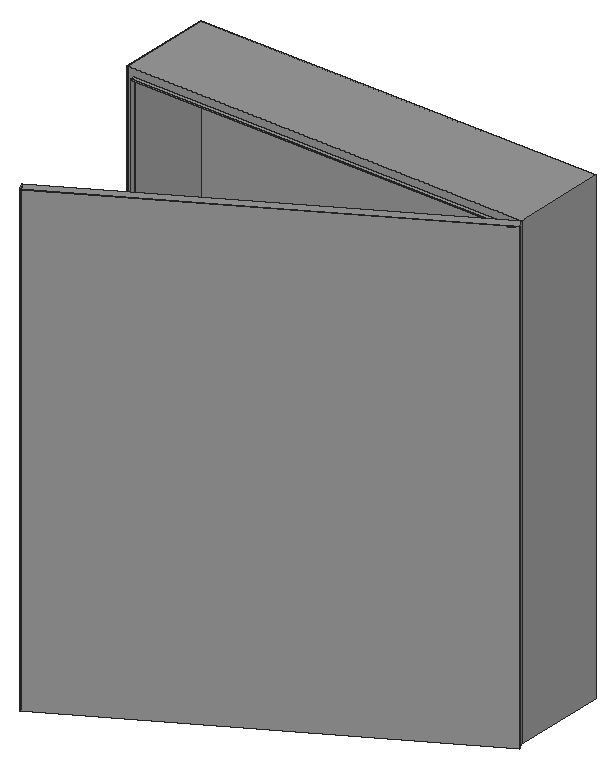
Revit family "Hager-Univers-IP44-D205-H950-Cl.II-Encl-NoHosted-DE-de", category Equipement électrique, Revit 2020
Family settings
  Configuration du panneau = Deux colonnes, circuits au sein
  Cote de connecteur circulaire = Utiliser le diamètre
  Type d'élément = Tableau de raccordement
  Basée sur le plan de construction = Oui
  Toujours verticalement = Oui
  Couper avec des vides une fois chargée = Non
  Partagée = Non
  Point de calcul de pièce = Non
Parameters (values of type "Aufputz IP44 B800 H950 T205  - FP63SN2")
  Width Control [instance] = if([EF000008 - Breite] > Min Width, [EF000008 - Breite], Min Width)  # 800 mm
  Commentaires du type = [HG000003 - Bereich]  # "Univers"
  Thickness Door [instance] = if([EF009171 - Materialstärke Tür/Deckel] > 3 mm, 3 mm, [EF009171 - Materialstärke Tür/Deckel])  # 1 mm
  Seal Frame Offset [instance] = 17 mm  # constant formula
  Plinth Visibility [instance] = [HG000027 - Sockelhöhe] > 0 mm  # no
  Min Width [instance] = 100 mm  # constant formula
  Min Depth [instance] = (2 * [EF009170 - Materialstärke Gehäuse]) + 1 mm  # 3 mm
  Min Height [instance] = 100 mm  # constant formula
  Internal Frame Depth [instance] = (Door System Depth * 0.5)  # 9 mm
  Panel Name [instance] = ""  # (empty or 0)
  Model = ""
  HG000027 - Sockelhöhe = 0 mm
  HG000026 - Stehend auf dem Boden = no
  HG000024 - Höhe des unteren Teils = 600 mm
  HG000023 - Gehäuse mit doppeltem Querschnitt = no
  HG000016 - 3D-Türsichtbarkeit [instance] = yes
  HG000015 - Sichtbarkeit der Türöffnung [instance] = no
  HG000014 - Tür rechts [instance] = yes
  HG000013 - Tür links [instance] = not([HG000014 - Tür rechts])  # no
  HG000012 - Türschwenkwinkel [instance] = 30.00°
  HG000010 - Asymmetrische Türen = no
  HG000009 - Doppelflügeligen Tür = no
  HG000006 - Unterputz = no
  HG000004 - Herstellerreferenz = "FP63SN2"
  HG000003 - Bereich = "Univers"
  HG000002 - Mit tür = yes
  Frame Offset Bottom [instance] = 10 mm  # constant formula
  Frame Offset [instance] = 15 mm  # constant formula
  EF015940 - Deckel mit Überdruckentlastung = no
  EF011959 - Schutzart (NEMA) = ""
  EF009554 - Anzahl der Öffnungen für Flanschplatten = 6
  EF009212 - Ausführung Deckel = "EV000116 - geschlossen"
  EF009171 - Materialstärke Tür/Deckel = 1 mm
  EF009170 - Materialstärke Gehäuse = 1 mm
  EF008873 - Nennstrom (In) = 250 A
  EF007800 - Geeignet für Blitzschutz = no
  EF006306 - Mit Schloss = no
  EF006244 - Transparenter Deckel/Tür = no
  EF005474 - Schutzart (IP) = "EV006418 - IP44"
  EF004464 - Art der Tür = "EV002646 - Einzel"
  EF004427 - Anzahl der Module = 216
  EF004293 - Schlagfestigkeit = "EV006815 - IK09"
  EF003532 - Geeignet für Außengebrauch = no
  EF002950 - Breite in Teilungseinheiten = 36
  EF001613 - Funktionserhalt = "EV000494 - ohne"
  EF001596 - Werkstoff des Gehäuses = "EV000179 - Stahl"
  EF001131 - Innentiefe = 130 mm
  EF001088 - Anbaumöglichkeit = yes
  EF000437 - Anzahl der Leitungseinführungen = 6
  EF000339 - Art der Abdeckung = "EV004216 - Tür"
  EF000266 - Anzahl der Reihen = 6
  EF000218 - Einbautiefe = 205 mm
  EF000118 - Mit Montageplatte = no
  EF000116 - RAL-Nummer = "9010"
  EF000049 - Tiefe = 205 mm
  EF000040 - Höhe = 950 mm
  EF000008 - Breite = 800 mm
  EF000007 - Farbe = "EV000202 - weiß"
  EF000003 - Montageart = "EV000384 - Aufputz"
  Door System Leaf Tolerance [instance] = 1.5 mm  # constant formula
  Door System Depth [instance] = 18 mm  # constant formula
  Door Height [instance] = Height Control - [HG000027 - Sockelhöhe]  # 950 mm
  Description = ""
  Default Elevation = 1219.2 mm
  Connector Offset [instance] = Height Control / 2  # 475 mm
  Fabricant = "Hager"  # constant formula
  Height Control [instance] = if([EF000040 - Höhe] > Min Height, [EF000040 - Höhe], Min Height)  # 950 mm
  Depth Control [instance] = if([EF000049 - Tiefe] > Min Depth, [EF000049 - Tiefe], Min Depth)  # 205 mm
  Bottom Top Plate Trim [instance] = 1.5 mm  # constant formula
  Plinth height Ctrl [instance] = if([HG000027 - Sockelhöhe] > 0 mm, [HG000027 - Sockelhöhe], 12 mm)  # 12 mm
Types (5, lengths in mm): name | Width Control | HG000010 - Asymmetrische Türen | HG000009 - Doppelflügeligen Tür | HG000004 - Herstellerreferenz | EF009554 - Anzahl der Öffnungen für Flanschplatten | EF004464 - Art der Tür | EF004427 - Anzahl der Module | EF002950 - Breite in Teilungseinheiten | EF001131 - Innentiefe | EF000437 - Anzahl der Leitungseinführungen | EF000339 - Art der Abdeckung | EF000008 - Breite
  Aufputz IP44 B1050 H950 T205  - FP64SN2 | 1050 | no | yes | "FP64SN2" | 8 | "EV003602 - Doppel" | 288 | 48 | 130 | 8 | "EV004216 - Tür" | 1050
  Aufputz IP44 B1300 H950 T205  - FP65SN2 | 1300 | yes | yes | "FP65SN2" | 10 | "EV003602 - Doppel" | 360 | 60 | 130 | 10 | "EV004216 - Tür" | 1300
  Aufputz IP44 B300 H950 T205  - FP61SN2 | 300 | no | no | "FP61SN2" | 2 | "EV002646 - Einzel" | 72 | 12 | 143 | 2 | "EV001012 - Deckel" | 300
  Aufputz IP44 B550 H950 T205  - FP62SN2 | 550 | no | no | "FP62SN2" | 4 | "EV002646 - Einzel" | 144 | 24 | 143 | 4 | "EV001012 - Deckel" | 550
  Aufputz IP44 B800 H950 T205  - FP63SN2 | 800 | no | no | "FP63SN2" | 6 | "EV002646 - Einzel" | 216 | 36 | 130 | 6 | "EV004216 - Tür" | 800
Reference planes
  plane 1 "Center (Front/Back)": y = 0
  plane 2: z = 0
  plane 3 "Center (Left/Right)": x = 0
  plane 4: y = 0
  plane 5: y = 0
  plane 6: z = 0
  plane 7: x = -400
  plane 8: x = 400
  plane 9: x = 399
  plane 10: x = -399
  plane 11: z = 0
  plane 12: z = 1
  plane 13: y = -205
  plane 14: y = -1
  plane 15: x = 0
  plane 16: y = -187
  plane 17: y = -204
  plane 18: y = -186
  plane 19: x = -384
  plane 20: x = 384
  plane 21: z = 11
  plane 22: x = -383
  plane 23: x = 383
  plane 24: z = 0
  plane 25: z = 950
  plane 26: z = 950
  plane 27: z = 934
  plane 28: z = 949
Forms (mm)
  Extrusion 1, solid, material "Hager_Steel_RAL7035_Light_Grey", detail levels medium+fine
    sketch origin (-208.679, -4572, 0) x (-1, 0, 0) y (0, -1, 0)
      loop
        line (191.321, -4385) -> (-608.679, -4385) -> (-608.679, -4572) -> (191.321, -4572) -> (191.321, -4385)
    from 0 to 950
  Extrusion 2, void
    sketch origin (-350.771, -205, 1219.2) x (1, 0, 0) y (0, 0, 1)
      loop
        line (-48.229, -270.2) -> (-48.229, -1218.2) -> (749.771, -1218.2) -> (749.771, -270.2) -> (-48.229, -270.2)
    from -19 to -204
  Extrusion 3, void
    sketch origin (-290.084, -187, 1219.2) x (1, 0, 0) y (0, 0, 1)
      loop
        line (-93.916, -1208.2) -> (674.084, -1208.2) -> (674.084, -285.2) -> (-93.916, -285.2) -> (-93.916, -1208.2)
    from 0 to -1
  Extrusion 4, solid, material "Hager_Steel_RAL7035_Light_Grey", visible <- "Plinth Visibility", detail levels medium+fine
    sketch origin (0, 0, 0) x (1, 0, 0) y (0, 1, 0)
      loop
        line (-400, 0) -> (-400, -187) -> (400, -187) -> (400, 0) -> (-400, 0)
    from 0 to 12 <- "Plinth height Ctrl"
  Extrusion 5, solid, material "Hager_Steel_RAL7035_Light_Grey", detail levels coarse
    sketch origin (0, 0, 0) x (1, 0, 0) y (0, 1, 0)
      loop
        line (-400, 0) -> (-400, -205) -> (400, -205) -> (400, 0) -> (-400, 0)
    from 0 to 950 <- "Height Control"
  Sweep 6, void
    path in 3D
      loop
        line (-400, -187, 12) -> (400, -187, 12) -> (400, 0, 12) -> (-400, 0, 12) -> (-400, -187, 12)
    profile origin (-400, -93.5, 12) x (1, 0, 0) y (0, 0, 1)
      loop
        line (0, 0) -> (0, -1.5) -> (1.5, -1.5)
        arc (1.5, -1.5) -> (1.061, -0.439) -> (0, 0) r 1.5
  Extrusion 7, solid, material "Hager_Steel_RAL7035_Light_Grey", detail levels fine
    sketch origin (-400, -187, 0) x (1, 0, 0) y (0, 0, 1)
      loop
        line (16, 11) -> (784, 11) -> (784, 934) -> (16, 934) -> (16, 11)
      loop
        line (15, 10) -> (785, 10) -> (785, 935) -> (15, 935) -> (15, 10)
    from 0 to 9 <- "Internal Frame Depth"
Cuts and joins
  Extrusion 2, Extrusion 3 cuts Extrusion 1
  Sweep 6 cuts Extrusion 4
Lines and regions (mm)
  Masking region 1
    outline origin (0, 0, 0) x (1, 0, 0) y (0, 1, 0)
      loop
        line (-400, 0) -> (-400, -205) -> (400, -205) -> (400, 0) -> (-400, 0)
  Masking region 2, detail levels coarse
    outline origin (-290.084, -187, 1219.2) x (-1, 0, 0) y (0, 0, 1)
      loop
        line (-690.084, -1219.2) -> (109.916, -1219.2) -> (109.916, -269.2) -> (-690.084, -269.2) -> (-690.084, -1219.2)
  Masking region 3, detail levels coarse
    outline origin (0, 0, 0) x (0, 1, 0) y (0, 0, 1)
      loop
        line (0, 0) -> (0, 950) -> (-205, 950) -> (-205, 0) -> (0, 0)
  Masking region 4, visible <- "Plinth Visibility", detail levels medium+fine
    outline origin (0, 0, 0) x (0, 1, 0) y (0, 0, 1)
      loop
        line (-1.5, 12) -> (-185.5, 12)
        arc (-185.5, 12) -> (-185.939, 10.939) -> (-187, 10.5) r 1.5
        line (-187, 10.5) -> (-187, 0) -> (0, 0) -> (0, 10.5)
        arc (0, 10.5) -> (-1.061, 10.939) -> (-1.5, 12) r 1.5
  Masking region 5, detail levels medium+fine
    outline origin (0, 0, 594.038) x (0, 1, 0) y (0, 0, 1)
      loop
        line (0, -594.038) -> (0, 355.962) -> (-187, 355.962) -> (-187, -594.038) -> (0, -594.038)
  Masking region 6, detail levels medium+fine
    outline origin (-359.7, -187, 1211.883) x (-1, 0, 0) y (0, 0, 1)
      loop
        line (-759.7, -1211.883) -> (40.3, -1211.883) -> (40.3, -261.883) -> (-759.7, -261.883) -> (-759.7, -1211.883)
  Masking region 7, visible <- "Plinth Visibility", detail levels medium+fine
    outline origin (-320.334, -187, 1041.368) x (-1, 0, 0) y (0, 0, 1)
      loop
        line (-720.334, -1041.368) -> (79.666, -1041.368) -> (79.666, -1030.868)
        arc (79.666, -1030.868) -> (78.606, -1030.429) -> (78.166, -1029.368) r 1.5
        line (78.166, -1029.368) -> (-718.834, -1029.368)
        arc (-718.834, -1029.368) -> (-719.273, -1030.429) -> (-720.334, -1030.868) r 1.5
        line (-720.334, -1030.868) -> (-720.334, -1041.368)
  sketch lines
    curve 1: line (-400, 0, 12) -> (-400, -187, 12)
    curve 2: line (-400, -187, 12) -> (400, -187, 12)
    curve 3: line (400, 0, 12) -> (-400, 0, 12)
    curve 4: line (400, -187, 12) -> (400, 0, 12)
Dimensions and locks
  locked: plane 1 "Center (Front/Back)" to plane 5
  "EF009170 - Materialstärke Gehäuse": plane 7 to plane 10
  "EF009170 - Materialstärke Gehäuse": plane 8 to plane 9
  equal spacing: plane 7, plane 3 "Center (Left/Right)", plane 8
  "Width Control": plane 7 to plane 8
  "Depth Control": plane 4 to plane 13
  "EF009170 - Materialstärke Gehäuse": plane 4 to plane 14
  "Height Control": plane 25 to level
  "HG000027 - Sockelhöhe": plane 11 to level
  "EF009170 - Materialstärke Gehäuse": plane 12 to plane 11
  "EF009170 - Materialstärke Gehäuse": plane 17 to plane 13
  "EF009170 - Materialstärke Gehäuse": plane 18 to plane 16
  "Frame Offset Bottom": plane 21 to plane 12
  "Frame Offset": plane 10 to plane 19
  "Frame Offset": plane 9 to plane 20
  "Door System Depth": plane 16 to plane 13
  "Seal Frame Offset": plane 7 to plane 22
  "Seal Frame Offset": plane 8 to plane 23
  "EF009170 - Materialstärke Gehäuse": plane 26 to plane 28
  "Frame Offset": plane 28 to plane 27
  "Connector Offset": plane 2 to connector elem
  "Bottom Top Plate Trim": profile plane to Sweep 6 sketch curve
  "Bottom Top Plate Trim": Sweep 6 sketch curve to Sweep 6 sketch curve
  "Plinth height Ctrl": Masking region 4 sketch curve to level
  "Plinth height Ctrl": Masking region 7 sketch curve to level
  "Thickness Door": Extrusion 7 sketch curve to Extrusion 7 sketch curve  (x4)
  "Bottom Top Plate Trim": radius of Sweep 6 sketch curve
  "Bottom Top Plate Trim": radius of Masking region 4 sketch curve  (x2)
  "Bottom Top Plate Trim": radius of Masking region 7 sketch curve  (x2)
  aligned and locked: Extrusion 2 sketch curve to plane 12
  aligned and locked: Extrusion 2 sketch curve to plane 9
  aligned and locked: Extrusion 2 sketch curve to plane 10
  aligned and locked: Extrusion 2 to plane 14
  aligned and locked: Extrusion 1 sketch curve to plane 4
  aligned and locked: plane 8 to Extrusion 1 sketch curve
  aligned and locked: plane 7 to Extrusion 1 sketch curve
  aligned and locked: Extrusion 2 to plane 18
  aligned and locked: Extrusion 3 sketch curve to plane 19
  aligned and locked: plane 20 to Extrusion 3 sketch curve
  aligned and locked: Extrusion 3 to Extrusion 2
  aligned and locked: Extrusion 3 sketch curve to plane 21
  aligned and locked: plane 3 "Center (Left/Right)" to nested 1
  aligned and locked: Extrusion 1 sketch curve to plane 16
  aligned and locked: Extrusion 4 sketch curve to cut or joined group of Extrusion 1, Extrusion 2, Extrusion 3
  aligned and locked: Masking region 1 sketch curve to plane 7
  aligned and locked: Masking region 1 sketch curve to plane 5
  aligned and locked: Masking region 1 sketch curve to plane 8
  aligned and locked: Masking region 2 sketch curve to level
  aligned and locked: level to Masking region 3 sketch curve
  aligned and locked: plane 1 "Center (Front/Back)" to Masking region 3 sketch curve
  aligned and locked: plane 13 to Masking region 3 sketch curve
  aligned and locked: plane 5 to Masking region 4 sketch curve
  aligned and locked: Masking region 2 sketch curve to plane 8
  aligned and locked: Masking region 2 sketch curve to plane 7
  aligned and locked: plane 7 to nested 2
  aligned and locked: nested 2 to plane 5
  aligned and locked: plane 5 to Masking region 5 sketch curve
  aligned and locked: plane 26 to Masking region 5 sketch curve
  aligned and locked: Extrusion 5 sketch curve to plane 8
  aligned and locked: Extrusion 5 sketch curve to plane 7
  aligned and locked: Extrusion 5 sketch curve to plane 5
  aligned and locked: Extrusion 3 sketch curve to plane 27
  aligned and locked: Extrusion 2 sketch curve to plane 28
  aligned and locked: Masking region 2 to plane 25
  aligned and locked: Extrusion 4 to plane 16
  aligned and locked: profile plane to Sweep 6 sketch curve
  aligned and locked: Masking region 5 sketch curve to plane 24
  aligned and locked: level to Masking region 4 sketch curve
  aligned and locked: Masking region 1 to plane 13
  aligned and locked: nested 1 to plane 16
  aligned and locked: Masking region 3 to plane 25
  aligned and locked: plane 16 to Masking region 4 sketch curve
  aligned and locked: Masking region 5 sketch curve to plane 16
  aligned and locked: plane 24 to plane 11
  aligned and locked: plane 26 to plane 25
  aligned and locked: plane 26 to cut or joined group of Extrusion 1, Extrusion 2, Extrusion 3
  aligned and locked: nested 1 to plane 24
  aligned and locked: Extrusion 1 to Extrusion 3
  aligned and locked: Masking region 6 sketch curve to plane 8
  aligned and locked: Masking region 6 sketch curve to plane 24
  aligned and locked: Masking region 6 sketch curve to plane 7
  aligned and locked: Masking region 6 sketch curve to plane 26
  aligned and locked: Masking region 7 sketch curve to plane 7
  aligned and locked: level to Masking region 7 sketch curve
  aligned and locked: Masking region 7 sketch curve to plane 8
  aligned and locked: Extrusion 7 sketch curve to cut or joined group of Extrusion 1, Extrusion 2, Extrusion 3  (x4)
Automatic sketch dimensions
  plane 19 to Extrusion 3 sketch curve = 0 mm
  Extrusion 3 sketch curve to plane 20 = 0 mm
  Extrusion 3 sketch curve to plane 21 = 0 mm
  Extrusion 4 sketch curve to plane 7 = 0 mm
  Extrusion 4 sketch curve to plane 8 = 0 mm
  Extrusion 4 sketch curve to plane 16 = 0 mm
  Masking region 1 sketch curve to plane 13 = 0 mm
  Masking region 2 sketch curve to plane 25 = 0 mm
  Masking region 3 sketch curve to plane 25 = 0 mm
  Extrusion 5 sketch curve to plane 13 = 0 mm
  profile plane to Sweep 6 sketch curve = 0 mm
Nested families
  nested 1: "EC000058_Univers_Door" at (0, -187, 0), Double <- "HG000009 - Doppelflügeligen Tür", Transparent <- "EF006244 - Transparenter Deckel/Tür", Angle <- "HG000012 - Türschwenkwinkel", Door_Right <- "HG000014 - Tür rechts", Assymetrical <- "HG000010 - Asymmetrische Türen", Door <- "HG000002 - Mit tür", Width_Ctrl <- "Width Control", 3d_Door <- "HG000016 - 3D-Türsichtbarkeit", Clearance <- "HG000015 - Sichtbarkeit der Türöffnung", Door_Left <- "HG000013 - Tür links", Width <- "Width Control", Door_Depth <- "Door System Depth", Leaf_Tolerance <- "Door System Leaf Tolerance", Height <- "Door Height", Lock_Visibility <- "EF006306 - Mit Schloss", Thickness <- "Thickness Door", type "EC000058_Univers_Door", detail levels medium+fine
    with min_wh 3 mm, Width_Ctrl 800 mm, Width 800 mm, Transparent no, Thickness 1 mm, Seal_Material Hager_Rubber, Lock_Visibility no, Lock_Material Hager_Plastic_RAL9005_Jet_Black, Leaf_Width 800 mm, Leaf_Tolerance_External_Sides 0 mm, Leaf_Tolerance 1.5 mm, Leaf_Offset 0 mm, Leaf_Height 947 mm, Leaf_2_Width 800 mm, Leaf_2_Offset 400 mm, Leaf_1_Width 800 mm, Leaf_1_Offset 400 mm, Height_Ctrl 950 mm, Height 950 mm, Glass_Material Hager_Glass, Double_Clearance_Ctrl no, Double no, Door_Right_Ctrl yes, Door_Right yes, Door_Material Hager_Steel_RAL7035_Light_Grey, Door_Left_Ctrl no, Door_Left no, Door_Depth 18 mm, Door yes, Clearance_Material Hager_Clearance, Clearance_Depth 800 mm, Clearance_Ctrl no, Clearance no, Assymetrical no, Angle 30.00°, 3d_Door yes
  nested 2: "Hager_Enclosure_Symbol" at (-400, 0, 0), Height <- "Depth Control", Width <- "Width Control", type "Hager_Enclosure_Symbol"
    with Width_Ctrl 800 mm, Width 800 mm, Height_Ctrl 205 mm, Height 205 mm, A_Width_Int 13.453 mm, A_Width 161.438 mm, A_Height_Ctrl 179.375 mm, A_Height 179.375 mm
Connectors
  electrical at (0, 0, 475)
    settings: on plane 1 "Center (Front/Back)", index 1, voltage 0 V, apparent load 0 VA, apparent load phase1 0 VA, apparent load phase2 0 VA, apparent load phase3 0 VA, power factor 1, load classification "Other", number of poles 1, system type 30, power factor state 1, is connector primary yes, connector utility no, sub classification motor no, connector description ""
Definition of nested family "EC000058_Univers_Door"
  Parameters (values of type "EC000058_Univers_Door")
    min_wh [instance] = (2 * Thickness) + 1 mm  # 11 mm
    Width_Ctrl [instance] = 400 mm
    Width [instance] = 500 mm
    Transparent [instance] = yes
    Thickness [instance] = 5 mm
    Seal_Material [instance] = none
    Lock_Visibility [instance] = yes
    Lock_Material [instance] = none
    Leaf_Width [instance] = if((Width_Ctrl - 2 * Leaf_Tolerance_External_Sides) > 0 mm, (Width_Ctrl - 2 * Leaf_Tolerance_External_Sides), min_wh)  # 400 mm
    Leaf_Tolerance_External_Sides [instance] = 0 mm  # constant formula
    Leaf_Tolerance [instance] = 1.5 mm
    Leaf_Offset [instance] = 0 mm  # constant formula
    Leaf_Height [instance] = if((Height_Ctrl - 2 * Leaf_Tolerance) > 0 mm, (Height_Ctrl - 2 * Leaf_Tolerance), min_wh)  # 497 mm
    Leaf_2_Width [instance] = if(and(and(Double, Assymetrical), Door_Left), (Leaf_Width / 3) - (Leaf_Tolerance / 2), if(and(and(Double, Assymetrical), Door_Right), (Leaf_Width / 3) * 2 - (Leaf_Tolerance / 2), if(and(Double, not(Assymetrical)), (Leaf_Width / 2) - Leaf_Tolerance, Leaf_Width)))  # 400 mm
    Leaf_2_Offset [instance] = if(and(Double, Assymetrical), Leaf_2_Width / 2, if(and(Double, not(Assymetrical)), Leaf_Width / 4, Leaf_Width / 2))  # 200 mm
    Leaf_1_Width [instance] = if(and(and(Double, Assymetrical), Door_Right), (Leaf_Width / 3) - (Leaf_Tolerance / 2), if(and(and(Double, Assymetrical), Door_Left), (Width / 3) * 2 - (Leaf_Tolerance / 2), if(and(Double, not(Assymetrical)), (Leaf_Width / 2) - Leaf_Tolerance, Leaf_Width)))  # 400 mm
    Leaf_1_Offset [instance] = if(and(Double, Assymetrical), Leaf_1_Width / 2, if(and(Double, not(Assymetrical)), Leaf_Width / 4, Leaf_Width / 2))  # 200 mm
    Height_Ctrl [instance] = if(Height > min_wh, Height, min_wh)  # 500 mm
    Height [instance] = 500 mm
    Glass_Material [instance] = none
    Double_Clearance_Ctrl [instance] = and(Double, Clearance)  # no
    Double [instance] = no
    Door_Right_Ctrl [instance] = and(or(Door_Right, Double), Door)  # yes
    Door_Right [instance] = yes
    Door_Material [instance] = none
    Door_Left_Ctrl [instance] = and(or(Door_Left, Double), Door)  # no
    Door_Left [instance] = no
    Door_Depth [instance] = 30 mm
    Door [instance] = yes
    Default Elevation = 1219.2 mm
    Clearance_Material [instance] = none
    Clearance_Depth [instance] = if(Leaf_1_Width > Leaf_2_Width, Leaf_1_Width, Leaf_2_Width)  # 400 mm
    Clearance_Ctrl [instance] = and(not(Double), Clearance)  # yes
    Clearance [instance] = yes
    Assymetrical [instance] = yes
    Angle [instance] = 30.00°
    3d_Door [instance] = yes
  Reference planes
    plane 1 "Center (Front/Back)": y = 0
    plane 2 "Bottom": z = 0
    plane 3 "Center (Left/Right)": x = 0
    plane 4: z = 500
    plane 5: x = -200
    plane 6: x = 200
    plane 7: z = 500
    plane 8: x = -200
    plane 9: z = 0
    plane 10: x = 200
    plane 11: y = 0
    plane 12: z = 1.5
    plane 13: x = -600
    plane 14: y = -400
    plane 15: x = 600
    plane 16: x = 0
    plane 17: x = 0
    plane 18: x = -200
    plane 19: x = 200
    plane 20: z = 498.5
  Forms (mm)
    Extrusion 1, solid, material <- "Clearance_Material", visible <- "Double_Clearance_Ctrl"
      sketch origin (1200, 0, 0) x (1, 0, 0) y (0, 0, -1)
        loop
          line (-1800, -498.5) -> (-600, -498.5) -> (-600, 0) -> (-1800, 0) -> (-1800, -498.5)
      from 0 to -400
  Dimensions and locks
    equal spacing: plane 5, plane 3 "Center (Left/Right)", plane 6
    "Width_Ctrl": plane 5 to plane 6
    "Leaf_Offset": plane 5 to plane 8
    "Leaf_Offset": plane 6 to plane 10
    "Leaf_Offset": plane 9 to level
    "Leaf_Offset": plane 4 to plane 7
    "Height_Ctrl": plane 4 to level
    "Leaf_Tolerance": plane 12 to plane 9
    locked: plane 11 to plane 1 "Center (Front/Back)"
    "Leaf_1_Offset": plane 18 to plane 16
    "Leaf_2_Offset": plane 17 to plane 19
    "Leaf_1_Width": plane 13 to plane 8
    "Leaf_2_Width": plane 10 to plane 15
    "Clearance_Depth": plane 14 to plane 1 "Center (Front/Back)"
    "Leaf_Tolerance_External_Sides": plane 8 to plane 18
    "Leaf_Tolerance_External_Sides": plane 19 to plane 10
    "Leaf_Tolerance": plane 7 to plane 20
    aligned and locked: level to plane 2 "Bottom"
    aligned and locked: nested 1 to plane 16
    aligned and locked: nested 2 to plane 17
    aligned and locked: Extrusion 1 to plane 13
    aligned and locked: plane 15 to Extrusion 1
    aligned and locked: Extrusion 1 to plane 14
    aligned and locked: plane 12 to nested 1
    aligned and locked: nested 2 to plane 12
    aligned and locked: Extrusion 1 to plane 11
    aligned and locked: plane 20 to Extrusion 1
    aligned and locked: nested 2 to plane 11
    aligned and locked: nested 1 to plane 11
  Automatic sketch dimensions
    Extrusion 1 sketch curve to level = 0 mm
    plane 5 to Extrusion 1 sketch curve = 400 mm
    plane 6 to Extrusion 1 sketch curve = 400 mm
    Extrusion 1 sketch curve to plane 4 = 1.5 mm
  Nested families
    nested 1: "EC000058_Univers_Door_Leaf" at (0, 0, 1.5), Width <- "Leaf_1_Width", visible <- "Door_Left_Ctrl", Leaf_Height <- "Leaf_Height", Angle <- "Angle", 3d_Door <- "3d_Door", Transparent <- "Transparent", Clearance Material <- "Clearance_Material", Clearance <- "Clearance_Ctrl", Door_Material <- "Door_Material", Glass_Material <- "Glass_Material", Door_Depth <- "Door_Depth", Lock_Material <- "Lock_Material", Seal_Material <- "Seal_Material", Lock_Visibility <- "Lock_Visibility", Thickness <- "Thickness", type "EC000058_Univers_Door_Leaf"
      with Width 400 mm, Transparent_Glass_Offset 30 mm, Transparent_Ctrl yes, Transparent yes, Thickness 5 mm, Standard no, Seal_Material none, Seal_D2 8 mm, Seal_D1 1 mm, Offset_Internal_Frame 10 mm, Lock_Width 20 mm, Lock_Visibility_3d yes, Lock_Visibility yes, Lock_Thickness_3 3 mm, Lock_Thickness_2 1 mm, Lock_Thickness_1 3 mm, Lock_Radius_Offset_2 16 mm, Lock_Radius_Offset_1 15 mm, Lock_Radius_2 5 mm, Lock_Radius 6 mm, Lock_Offset 5 mm, Lock_Material none, Lock_Height 80 mm, Lock_Cover_Top_Offset_2d 17 mm, Lock_Cover_Height -65 mm, Leaf_Height 497 mm, Internal_Seal_Thickness 8 mm, Internal_Seal_Depth_2 4.5 mm, Internal_Frame_Depth 25 mm, Glass_Thickness -1 mm, Glass_Offset -2 mm, Glass_Material none, Door_Material none, Door_Depth 30 mm, Clearance Material none, Clearance yes, Angle_Ctrl 30.00°, Angle 30.00°, 3d_Door yes
    nested 2: "EC000058_Univers_Door_Leaf" at (0, 0, 1.5) x (-1, 0, 0) z (0, 0, 1), Width <- "Leaf_2_Width", visible <- "Door_Right_Ctrl", Leaf_Height <- "Leaf_Height", Angle <- "Angle", 3d_Door <- "3d_Door", Transparent <- "Transparent", Clearance Material <- "Clearance_Material", Clearance <- "Clearance_Ctrl", Door_Material <- "Door_Material", Glass_Material <- "Glass_Material", Door_Depth <- "Door_Depth", Lock_Material <- "Lock_Material", Seal_Material <- "Seal_Material", Lock_Visibility <- "Lock_Visibility", Thickness <- "Thickness", type "EC000058_Univers_Door_Leaf"
      with Width 400 mm, Transparent_Glass_Offset 30 mm, Transparent_Ctrl yes, Transparent yes, Thickness 5 mm, Standard no, Seal_Material none, Seal_D2 8 mm, Seal_D1 1 mm, Offset_Internal_Frame 10 mm, Lock_Width 20 mm, Lock_Visibility_3d yes, Lock_Visibility yes, Lock_Thickness_3 3 mm, Lock_Thickness_2 1 mm, Lock_Thickness_1 3 mm, Lock_Radius_Offset_2 16 mm, Lock_Radius_Offset_1 15 mm, Lock_Radius_2 5 mm, Lock_Radius 6 mm, Lock_Offset 5 mm, Lock_Material none, Lock_Height 80 mm, Lock_Cover_Top_Offset_2d 17 mm, Lock_Cover_Height -65 mm, Leaf_Height 497 mm, Internal_Seal_Thickness 8 mm, Internal_Seal_Depth_2 4.5 mm, Internal_Frame_Depth 25 mm, Glass_Thickness -1 mm, Glass_Offset -2 mm, Glass_Material none, Door_Material none, Door_Depth 30 mm, Clearance Material none, Clearance yes, Angle_Ctrl 30.00°, Angle 30.00°, 3d_Door yes
  Definition of nested family "EC000058_Univers_Door_Leaf"
    Parameters (values of type "EC000058_Univers_Door_Leaf")
      Width [instance] = 2000 mm
      Transparent_Glass_Offset [instance] = 30 mm
      Transparent_Ctrl [instance] = and(Transparent, [3d_Door])  # yes
      Transparent [instance] = yes
      Thickness [instance] = 5 mm
      Standard [instance] = and(not(Transparent), [3d_Door])  # no
      Seal_Material [instance] = none
      Seal_D2 [instance] = 8 mm  # constant formula
      Seal_D1 [instance] = 1 mm  # constant formula
      Offset_Internal_Frame [instance] = 10 mm  # constant formula
      Lock_Width [instance] = 20 mm  # constant formula
      Lock_Visibility_3d [instance] = and(Lock_Visibility, [3d_Door])  # yes
      Lock_Visibility [instance] = yes
      Lock_Thickness_3 [instance] = 3 mm  # constant formula
      Lock_Thickness_2 [instance] = 1 mm  # constant formula
      Lock_Thickness_1 [instance] = 3 mm  # constant formula
      Lock_Radius_Offset_2 [instance] = Lock_Radius_Offset_1 + 1 mm  # 16 mm
      Lock_Radius_Offset_1 [instance] = 15 mm  # constant formula
      Lock_Radius_2 [instance] = Lock_Radius - 1 mm  # 5 mm
      Lock_Radius [instance] = 6 mm  # constant formula
      Lock_Offset [instance] = 5 mm  # constant formula
      Lock_Material [instance] = none
      Lock_Height [instance] = 80 mm  # constant formula
      Lock_Cover_Top_Offset_2d [instance] = Lock_Radius_Offset_2 + 1 mm  # 17 mm
      Lock_Cover_Height [instance] = -(Lock_Height - Lock_Radius_Offset_1)  # -65 mm
      Leaf_Height [instance] = 2720.336 mm
      Internal_Seal_Thickness [instance] = 8 mm  # constant formula
      Internal_Seal_Depth_2 [instance] = 4.5 mm  # constant formula
      Internal_Frame_Depth [instance] = if(Door_Depth - Thickness > 5 mm, Door_Depth - Thickness, 5 mm)  # 25 mm
      Glass_Thickness [instance] = if(Thickness > 15 mm, Glass_Offset + 10 mm, -1 mm)  # -1 mm
      Glass_Offset [instance] = if(Thickness > 15 mm, -(Thickness + 10 mm) / 2, -2 mm)  # -2 mm
      Glass_Material [instance] = none
      Door_Material [instance] = none
      Door_Depth [instance] = 30 mm
      Default Elevation = 0 mm
      Clearance Material [instance] = none
      Clearance [instance] = yes
      Angle_Ctrl [instance] = if(Angle > 180.00°, 180.00°, Angle)  # 90.00°
      Angle [instance] = 90.00°
      3d_Door [instance] = yes
    Reference planes
      plane 1 "Center (Front/Back)": y = 0
      plane 2: z = 0
      plane 3 "Center (Left/Right)": x = 0
      plane 4: y = 2000
      plane 5: x = -1000
      plane 6: x = 1000
      plane 7: x = -3000
      plane 8: z = 2720.336
      plane 9: z = 30
      plane 10: z = 2690.336
      plane 11: x = 970
      plane 12: x = -970
      plane 13: y = -3
      plane 14: z = 107.833
      plane 15: y = -5
      plane 16: y = -223.314
      plane 17: x = -1000
      plane 18: z = 1360.168
      plane 19: y = 30
    Forms (mm)
      Extrusion 1, solid, material <- "Clearance Material", visible <- "Clearance"
        sketch origin (0, 0, 0) x (1, 0, 0) y (0, 0, 1)
          loop
            line (-3000, 2720.336) -> (-3000, 0) -> (1000, 0) -> (1000, 2720.336) -> (-3000, 2720.336)
        from 0 to -2000
      Extrusion 2, solid, material <- "Door_Material", visible <- "Standard", detail levels medium+fine
        sketch origin (-1000, 0, 0) x (0, 1, 0) y (-1, 0, 0)
          loop
            line (0, 30) -> (0, 25) -> (2000, 25) -> (2000, 30) -> (0, 30)
        from 0 to 2720.336 <- "Leaf_Height"
      Extrusion 3, solid, material <- "Door_Material", visible <- "Transparent_Ctrl", detail levels medium+fine
        sketch origin (-1000, 0, 0) x (0, 1, 0) y (-1, 0, 0)
          loop
            line (0, 25) -> (2000, 25) -> (2000, 30) -> (0, 30) -> (0, 25)
        from 0 to 2720.336 <- "Leaf_Height"
      Extrusion 4, void
        sketch origin (-1025, 2000, 0) x (0, 1, 0) y (0, 0, -1)
          loop
            line (-30, -2690.336) -> (-30, -30) -> (-1970, -30) -> (-1970, -2690.336) -> (-30, -2690.336)
        from 0 to 5 <- "Thickness"
      Sweep 5, solid, material <- "Seal_Material", visible <- "Transparent_Ctrl", detail levels fine
        path in 3D
          loop
            line (-1025, 30, 30) -> (-1025, 30, 2690.336) -> (-1025, 1970, 2690.336) -> (-1025, 1970, 30) -> (-1025, 30, 30)
        profile origin (-1025, 1000, 30) x (1, 0, 0) y (0, 0, 1)
          loop
            line (0, 0) -> (0, -8) -> (1, -8) -> (1, 0) -> (0, 0)
      Extrusion 6, solid, material <- "Glass_Material", visible <- "Transparent_Ctrl", detail levels medium+fine
        sketch origin (-1030, 0, 0) x (0, 1, 0) y (0, 0, -1)
          loop
            line (1970, -2690.336) -> (1970, -30) -> (30, -30) -> (30, -2690.336) -> (1970, -2690.336)
        from -2 <- "Glass_Offset" to -1 <- "Glass_Thickness"
      Extrusion 7, solid, material <- "Door_Material", visible <- "3d_Door", detail levels medium+fine
        sketch origin (-1025, 2000, 0) x (0, -1, 0) y (0, 0, -1)
          loop
            line (0, -2720.336) -> (2000, -2720.336) -> (2000, 0) -> (0, 0) -> (0, -2720.336)
          loop
            line (1995, -5) -> (5, -5) -> (5, -2715.336) -> (1995, -2715.336) -> (1995, -5)
        from 0 to 25 <- "Internal_Frame_Depth"
      Sweep 8, solid, material <- "Seal_Material", visible <- "Transparent_Ctrl", detail levels fine
        path in 3D
          loop
            line (-1025, 0, 0) -> (-1025, 2000, 0) -> (-1025, 2000, 2720.336) -> (-1025, 0, 2720.336) -> (-1025, 0, 0)
        profile origin (-1025, 0, 1360.168) x (1, 0, 0) y (0, 1, 0)
          loop
            line (0, 10) -> (2.975, 10)
            arc (2.975, 10) -> (4.053, 10.447) -> (4.5, 11.525) r 1.525
            line (4.5, 11.525) -> (4.5, 16.527)
            arc (4.5, 16.527) -> (4.069, 17.569) -> (3.027, 18) r 1.473
            line (3.027, 18) -> (0, 18) -> (0, 10)
      Extrusion 9, solid, material <- "Lock_Material", visible <- "Lock_Visibility_3d", detail levels fine
        sketch origin (-1030, 0, 0) x (0, 1, 0) y (0, 0, -1)
          loop
            arc (1993.5, -1400.168) -> (1994.561, -1399.729) -> (1995, -1398.668) r 1.5
            line (1995, -1398.668) -> (1995, -1320.168) -> (1975, -1320.168) -> (1975, -1398.668)
            arc (1975, -1398.668) -> (1975.439, -1399.729) -> (1976.5, -1400.168) r 1.5
            line (1976.5, -1400.168) -> (1993.5, -1400.168)
        from 3 <- "Lock_Thickness_1" to 0
      Blend 10, solid, material <- "Lock_Material", visible <- "Lock_Visibility_3d", detail levels fine
        base sketch origin (-1033, 0, 0) x (0, 1, 0) y (0, 0, -1)
          loop
            line (1975, -1320.168) -> (1975, -1398.668)
            arc (1975, -1398.668) -> (1975.439, -1399.729) -> (1976.5, -1400.168) r 1.5
            line (1976.5, -1400.168) -> (1993.5, -1400.168)
            arc (1993.5, -1400.168) -> (1994.561, -1399.729) -> (1995, -1398.668) r 1.5
            line (1995, -1398.668) -> (1995, -1320.168) -> (1975, -1320.168)
        top sketch origin (-1033, 0, 0) x (0, 1, 0) y (0, 0, -1)
          loop
            line (1976, -1320.168) -> (1976, -1398.668)
            arc (1976, -1398.668) -> (1976.146, -1399.022) -> (1976.5, -1399.168) r 0.5
            line (1976.5, -1399.168) -> (1993.5, -1399.168)
            arc (1993.5, -1399.168) -> (1993.854, -1399.022) -> (1994, -1398.668) r 0.5
            line (1994, -1398.668) -> (1994, -1320.168) -> (1976, -1320.168)
        from 0 to 1 <- "Lock_Thickness_2"
      Blend 11, solid, material <- "Lock_Material", visible <- "Lock_Visibility_3d", detail levels fine
        base sketch origin (-1034, 0, 0) x (0, 1, 0) y (0, 0, -1)
          loop
            line (1978, -1320.168) -> (1978, -1384.168)
            arc (1978, -1384.168) -> (1985, -1391.168) -> (1992, -1384.168) r 7
            line (1992, -1384.168) -> (1992, -1320.168) -> (1978, -1320.168)
        top sketch origin (-1034, 0, 0) x (0, 1, 0) y (0, 0, -1)
          loop
            line (1991, -1320.168) -> (1979, -1320.168) -> (1979, -1383.168)
            arc (1979, -1383.168) -> (1985, -1389.168) -> (1991, -1383.168) r 6
            line (1991, -1383.168) -> (1991, -1320.168)
        from 0 to 3 <- "Lock_Thickness_3"
      Extrusion 12, solid, material <- "Lock_Material", visible <- "Lock_Visibility_3d", detail levels fine
        sketch origin (-1030, 1975, 1320.168) x (1, 0, 0) y (0, -1, 0)
          loop
            line (-7, -19) -> (-7, -1) -> (0, -1) -> (0, 0) -> (-8, 0) -> (-8, -20) -> (0, -20) -> (0, -19) -> (-7, -19)
        from 0 to -65 <- "Lock_Cover_Height"
      Extrusion 13, void
        sketch origin (-1038, 1995, 1320.168) x (-1, 0, 0) y (0, 0, -1)
          loop
            line (-5, -65) -> (0, -65) -> (-5, -60) -> (-5, -65)
        from 0 to 20 <- "Lock_Width"
      Extrusion 14, void
        sketch origin (-1038, 1975, 1320.168) x (0, -1, 0) y (0, 0, -1)
          loop
            circle (-10, -15.995) r 6
          loop
            circle (-10, -15.995) r 5
        from 0 to 2
      Extrusion 15, solid, material <- "Lock_Material", visible <- "Lock_Visibility_3d", detail levels medium
        sketch origin (-1030, 0, 0) x (0, 1, 0) y (0, 0, -1)
          loop
            arc (1993.5, -1400.168) -> (1994.561, -1399.729) -> (1995, -1398.668) r 1.5
            line (1995, -1398.668) -> (1995, -1320.168) -> (1975, -1320.168) -> (1975, -1398.668)
            arc (1975, -1398.668) -> (1975.439, -1399.729) -> (1976.5, -1400.168) r 1.5
            line (1976.5, -1400.168) -> (1993.5, -1400.168)
        from 8 to 0
    Cuts and joins
      Extrusion 4 cuts Extrusion 3
      Extrusion 13, Extrusion 14 cuts Extrusion 9
      Extrusion 14 cuts Blend 11
      Extrusion 13, Extrusion 14 cuts Extrusion 12
      joined: Extrusion 9, Blend 10, Blend 11, Extrusion 12
      Extrusion 14 cuts Extrusion 15
    Lines and regions (mm)
      Masking region 1, visible <- "Lock_Visibility", detail levels fine
        outline origin (0, 0, 0) x (0, 1, 0) y (0, 0, 1)
          loop
            line (30, 1320.168) -> (33, 1320.168) -> (33, 1400.168) -> (30, 1400.168) -> (30, 1320.168)
      Masking region 2, visible <- "Lock_Visibility", detail levels fine
        outline origin (0, 3.143, 0) x (0, 1, 0) y (0, 0, 1)
          loop
            line (29.857, 1354.168) -> (30.857, 1354.168) -> (30.857, 1366.168) -> (29.857, 1366.168) -> (29.857, 1354.168)
      Masking region 3, detail levels medium+fine
        outline origin (0, 0, 0) x (0, 1, 0) y (0, 0, 1)
          loop
            line (0, 0) -> (30, 0) -> (30, 2720.336) -> (0, 2720.336) -> (0, 0)
      Masking region 4, detail levels medium+fine
        outline origin (0, 0, 0) x (1, 0, 0) y (0, 0, 1)
          loop
            line (-1000, 2720.336) -> (-1000, 0) -> (1000, 0) -> (1000, 2720.336) -> (-1000, 2720.336)
      Masking region 5, visible <- "Lock_Visibility", detail levels fine
        outline origin (-47.116, 0, 0) x (1, 0, 0) y (0, 0, 1)
          loop
            arc (1024.616, 1399.168) -> (1023.556, 1398.729) -> (1023.116, 1397.668) r 1.5
            line (1023.116, 1397.668) -> (1023.116, 1320.168) -> (1041.116, 1320.168) -> (1041.116, 1397.668)
            arc (1041.116, 1397.668) -> (1040.677, 1398.729) -> (1039.616, 1399.168) r 1.5
            line (1039.616, 1399.168) -> (1024.616, 1399.168)
      Masking region 6, visible <- "Lock_Visibility", detail levels medium+fine
        outline origin (-25, 0, 0) x (1, 0, 0) y (0, 0, 1)
          loop
            arc (1001.5, 1400.168) -> (1000.439, 1399.729) -> (1000, 1398.668) r 1.5
            line (1000, 1398.668) -> (1000, 1320.168) -> (1020, 1320.168) -> (1020, 1398.668)
            arc (1020, 1398.668) -> (1019.561, 1399.729) -> (1018.5, 1400.168) r 1.5
            line (1018.5, 1400.168) -> (1001.5, 1400.168)
      Masking region 7, visible <- "Lock_Visibility", detail levels fine
        outline origin (-73.735, 0, 0) x (1, 0, 0) y (0, 0, 1)
          loop
            line (1051.735, 1382.168) -> (1065.735, 1382.168) -> (1065.735, 1384.168)
            arc (1065.735, 1384.168) -> (1058.735, 1391.168) -> (1051.735, 1384.168) r 7
            line (1051.735, 1384.168) -> (1051.735, 1382.168)
      Masking region 8, visible <- "Lock_Visibility", detail levels fine
        outline origin (-73.735, 0, 0) x (1, 0, 0) y (0, 0, 1)
          loop
            line (1052.735, 1382.168) -> (1064.735, 1382.168) -> (1064.735, 1383.168)
            arc (1064.735, 1383.168) -> (1058.735, 1389.168) -> (1052.735, 1383.168) r 6
            line (1052.735, 1383.168) -> (1052.735, 1382.168)
      Masking region 9, visible <- "Lock_Visibility", detail levels fine
        outline origin (-25, 0, 0) x (1, 0, 0) y (0, 0, 1)
          loop
            line (1020, 1320.168) -> (1020, 1382.168) -> (1000, 1382.168) -> (1000, 1320.168) -> (1020, 1320.168)
      Masking region 10, detail levels medium+fine
        outline origin (0, 0, 0) x (1, 0, 0) y (0, 0, 1)
          loop
            circle (985, 1335.144) r 6
      Masking region 11, detail levels fine
        outline origin (0, 0, 0) x (1, 0, 0) y (0, 0, 1)
          loop
            circle (985, 1335.144) r 5
      Masking region 12, visible <- "Lock_Visibility", detail levels fine
        outline origin (0, 12.767, 0) x (0, 1, 0) y (0, 0, 1)
          loop
            line (20.233, 1320.168) -> (21.233, 1320.168) -> (21.233, 1399.168) -> (20.233, 1400.168) -> (20.233, 1320.168)
      Masking region 13, visible <- "Lock_Visibility", detail levels fine
        outline origin (0, 13.767, -10) x (0, 1, 0) y (0, 0, 1)
          loop
            line (20.233, 1330.168) -> (23.233, 1330.168) -> (23.233, 1399.168) -> (20.233, 1402.168) -> (20.233, 1330.168)
      Masking region 14, visible <- "Lock_Visibility", detail levels fine
        outline origin (0, 12.767, -10) x (0, 1, 0) y (0, 0, 1)
          loop
            line (20.233, 1330.168) -> (25.233, 1330.168) -> (25.233, 1399.305) -> (20.233, 1394.305) -> (20.233, 1330.168)
      Masking region 15, visible <- "Lock_Visibility", detail levels medium
        outline origin (0, 0, 0) x (0, 1, 0) y (0, 0, 1)
          loop
            line (30, 1320.168) -> (38, 1320.168) -> (38, 1400.168) -> (30, 1400.168) -> (30, 1320.168)
      Masking region 16, visible <- "Lock_Visibility", detail levels fine
        outline origin (-1000, 0, 0) x (0, 1, 0) y (-1, 0, 0)
          loop
            line (1975, 30) -> (1995, 30) -> (1995, 38) -> (1975, 38) -> (1975, 30)
          loop
            line (1979, 37) -> (1976, 37) -> (1976, 34) -> (1978, 34) -> (1979, 37)
          loop
            line (1994, 37) -> (1991, 37) -> (1992, 34) -> (1994, 34) -> (1994, 37)
      Masking region 17, visible <- "Lock_Visibility", detail levels medium
        outline origin (-1000, 0, 0) x (0, 1, 0) y (-1, 0, 0)
          loop
            line (1975, 30) -> (1995, 30) -> (1995, 38) -> (1975, 38) -> (1975, 30)
      symbolic lines
        curve 1: line (1000, 0, 0) -> (-3000, 0, 0)
        curve 2: arc (1000, 0, 0) -> (-1000, 2000, 0) -> (-3000, 0, 0) r 2000
        curve 4: line (-1030, 0, 0) -> (-1030, 2000, 0)
      reference lines
        curve 3: line (-1000, 0, 0) -> (-1000, 2000, 0)
      symbolic lines, detail levels medium+fine
        curve 5: line (-1030, 2000, 0) -> (-1025, 2000, 0)
        curve 7: line (-1025, 0, 0) -> (-1030, 0, 0)
        curve 8: line (-1025, 0, 0) -> (-1000, 0, 0)
        curve 9: line (-1000, 0, 0) -> (-1000, 2000, 0)
        curve 10: line (-1000, 2000, 0) -> (-1025, 2000, 0)
      symbolic lines, detail levels fine
        curve 6: line (-1025, 2000, 0) -> (-1025, 0, 0)
      sketch lines
        curve 11: line (-1025, 0, 2720.336) -> (-1025, 0, 0)
        curve 12: line (-1025, 2000, 0) -> (-1025, 0, 0)
        curve 13: line (-1025, 2000, 2720.336) -> (-1025, 2000, 0)
        curve 14: line (-1025, 0, 2720.336) -> (-1025, 2000, 2720.336)
        curve 15: line (-1025, 1970, 30) -> (-1025, 30, 30)
        curve 16: line (-1025, 30, 30) -> (-1025, 30, 2690.336)
        curve 17: line (-1025, 1970, 2690.336) -> (-1025, 1970, 30)
        curve 18: line (-1025, 30, 2690.336) -> (-1025, 1970, 2690.336)
      symbolic lines, visible <- "Transparent", detail levels medium+fine
        curve 19: line (-970, 0, 2690.336) -> (970, 0, 2690.336)
        curve 20: line (-970, 0, 30) -> (-970, 0, 2690.336)
        curve 21: line (970, 0, 30) -> (-970, 0, 30)
        curve 22: line (970, 0, 2690.336) -> (970, 0, 30)
    Dimensions and locks
      "Width": plane 1 "Center (Front/Back)" to plane 4
      equal spacing: plane 5, plane 3 "Center (Left/Right)", plane 6
      "Width": plane 5 to plane 6
      "Width": plane 7 to plane 5
      "Leaf_Height": plane 8 to level
      "Width": curve 5 to curve 3
      "Width": curve 3 to curve 3
      plane 8 to plane 10 = 30 mm
      plane 9 to level = 30 mm
      plane 12 to plane 5 = 30 mm
      plane 6 to plane 11 = 30 mm
      Extrusion 1 to Extrusion 4 sketch curve = 30 mm
      "Transparent_Glass_Offset": curve 3 to Extrusion 4 sketch curve
      "Transparent_Glass_Offset": Extrusion 4 sketch curve to cut or joined group of Extrusion 3, Extrusion 4  (x2)
      cut or joined group of Extrusion 3, Extrusion 4 to Extrusion 6 sketch curve = 30 mm
      "Transparent_Glass_Offset": cut or joined group of Extrusion 3, Extrusion 4 to Extrusion 4 sketch curve
      "Thickness": curve 6 to curve 4
      "Thickness": Extrusion 7 sketch curve to Extrusion 7 sketch curve  (x4)
      "Door_Depth": curve 4 to curve 3
      "Offset_Internal_Frame": profile plane to Sweep 8 sketch curve
      "Internal_Seal_Thickness": Sweep 8 sketch curve to Sweep 8 sketch curve
      "Internal_Seal_Depth_2": profile plane to Sweep 8 sketch curve
      "Seal_D1": profile plane to Sweep 5 sketch curve
      "Seal_D2": profile plane to Sweep 5 sketch curve
      "Thickness": Extrusion 2 sketch curve to Extrusion 2 sketch curve
      equal spacing: Extrusion 9 sketch curve, plane 18, Extrusion 9 sketch curve  (x2)
      equal spacing: Masking region 1 sketch curve, plane 18, Masking region 1 sketch curve
      "Lock_Height": Masking region 1 sketch curve to Masking region 1 sketch curve
      "Lock_Radius": Masking region 2 sketch curve to plane 18 to Masking region 2 sketch curve
      Masking region 2 sketch curve to Masking region 1 = 1 mm
      "Door_Depth": plane 19 to plane 1 "Center (Front/Back)"
      "Lock_Thickness_1": Masking region 1 sketch curve to plane 19
      "Lock_Width": Extrusion 9 sketch curve to Extrusion 9 sketch curve
      "Lock_Height": Extrusion 9 sketch curve to Extrusion 9 sketch curve
      "Lock_Offset": cut or joined group of Extrusion 3, Extrusion 4 to Extrusion 9 sketch curve
      equal spacing: plane 8, plane 18, level
      "Lock_Radius_Offset_1": Blend 11 sketch curve to Blend 10
      locked: Blend 10 to Blend 11 sketch curve at 2  (x2)
      locked: var sketch to Blend 11 sketch curve at 1  (x2)
      "Lock_Radius_Offset_2": Blend 11 sketch curve to Blend 10
      locked: Extrusion 12 sketch curve to Extrusion 12 sketch curve at 1  (x3)
      Masking region 6 sketch curve to Masking region 6 sketch curve = 80 mm
      "Lock_Height": Masking region 6 sketch curve to Masking region 6 sketch curve
      "Lock_Width": Masking region 6 sketch curve to Masking region 6 sketch curve
      locked: Masking region 6 to Masking region 5 sketch curve at 1  (x3)
      locked: Masking region 5 to Masking region 7 sketch curve at 2  (x2)
      "Lock_Radius_Offset_1": Masking region 5 to Masking region 7 sketch curve
      "Lock_Radius_Offset_2": Masking region 5 to Masking region 8 sketch curve
      locked: Masking region 7 to Masking region 8 sketch curve at 1  (x2)
      "Lock_Cover_Top_Offset_2d": Masking region 5 to Masking region 9 sketch curve
      equal spacing: Masking region 9, Masking region 10 sketch curve, Masking region 9
      equal spacing: Masking region 9, Masking region 11 sketch curve, Masking region 9
      Extrusion 15 sketch curve to Extrusion 15 sketch curve = 80 mm
      "Lock_Width": Extrusion 15 sketch curve to Extrusion 15 sketch curve
      "Lock_Height": Extrusion 15 sketch curve to Extrusion 15 sketch curve
      equal spacing: Extrusion 15 sketch curve, plane 18, Extrusion 15 sketch curve
      "Lock_Thickness_3": Masking region 13 sketch curve to Masking region 13 sketch curve
      "Lock_Height": Masking region 12 sketch curve to Masking region 12 sketch curve
      locked: Masking region 13 sketch curve to Masking region 1 at 8
      locked: Masking region 14 sketch curve to Masking region 13 at 1
      locked: Masking region 14 sketch curve to Masking region 1 at 10.863
      "Lock_Height": Masking region 15 sketch curve to Masking region 15 sketch curve
      "Lock_Offset": Extrusion 15 sketch curve to cut or joined group of Extrusion 3, Extrusion 4
      "Lock_Offset": plane 6 to Masking region 6 sketch curve
      radius of Sweep 8 sketch curve = 1.525 mm
      radius of Sweep 8 sketch curve = 1.473 mm
      radius of Extrusion 9 sketch curve = 1.5 mm  (x2)
      "Lock_Radius": radius of Extrusion 14 sketch curve
      "Lock_Radius_2": radius of Extrusion 14 sketch curve
      "Lock_Radius": radius of Masking region 10 sketch curve
      "Lock_Radius_2": radius of Masking region 11 sketch curve
      radius of Extrusion 15 sketch curve = 1.5 mm  (x2)
      "Angle_Ctrl": angle plane 1 "Center (Front/Back)" to curve 3
      locked: Masking region 12 sketch curve to Masking region 12 sketch curve (angle 45.00°)
      locked: Masking region 13 sketch curve to Masking region 13 sketch curve (angle 45.00°)
      locked: Masking region 14 sketch curve to Masking region 14 sketch curve (angle 45.00°)
      aligned and locked: level to plane 2
      aligned and locked: Extrusion 1 to curve 1
      aligned and locked: plane 6 to Extrusion 1
      aligned and locked: Extrusion 1 to plane 1 "Center (Front/Back)"
      aligned and locked: plane 4 to Extrusion 1
      aligned and locked: plane 8 to Extrusion 1
      aligned and locked: curve 7 to Extrusion 2 sketch curve
      aligned and locked: curve 5 to Extrusion 2 sketch curve
      aligned and locked: curve 7 to Extrusion 3 sketch curve
      aligned and locked: Extrusion 3 sketch curve to curve 4
      aligned and locked: Extrusion 3 sketch curve to curve 6
      aligned and locked: Extrusion 3 sketch curve to curve 5
      aligned and locked: curve 9 to curve 3
      aligned and locked: Extrusion 7 sketch curve to cut or joined group of Extrusion 3, Extrusion 4  (x4)
      aligned and locked: plane 17 to curve 3
      aligned and locked: plane 1 "Center (Front/Back)" to curve 3
      aligned and locked: plane 17 to plane 5
      aligned and locked: Sweep 8 sketch curve to profile plane
      aligned and locked: Sweep 5 sketch curve to profile plane  (x2)
      aligned and locked: Masking region 1 to Masking region 2 sketch curve
      aligned and locked: plane 19 to Masking region 1 sketch curve
      aligned and locked: plane 1 "Center (Front/Back)" to Masking region 3 sketch curve
      aligned and locked: plane 19 to Masking region 3 sketch curve
      aligned and locked: level to Masking region 3 sketch curve
      aligned and locked: Masking region 3 sketch curve to plane 8
      aligned and locked: plane 17 to Masking region 4 sketch curve
      aligned and locked: level to Masking region 4 sketch curve
      aligned and locked: Masking region 4 sketch curve to plane 8
      aligned and locked: plane 12 to curve 20
      aligned and locked: plane 10 to curve 19
      aligned and locked: plane 11 to curve 22
      aligned and locked: curve 21 to plane 9
      aligned and locked: Extrusion 2 sketch curve to cut or joined group of Extrusion 3, Extrusion 4
      aligned and locked: Blend 10 sketch curve to Extrusion 9  (x4)
      aligned and locked: Extrusion 9 to Blend 10 sketch curve
      aligned and locked: Blend 10 to Blend 11 sketch curve
      aligned and locked: Extrusion 12 sketch curve to Blend 11
      aligned and locked: Extrusion 12 sketch curve to Extrusion 9  (x4)
      aligned and locked: Masking region 5 sketch curve to Masking region 6
      aligned and locked: Masking region 9 sketch curve to Masking region 6  (x3)
      aligned and locked: Masking region 12 sketch curve to Masking region 1
      aligned and locked: Masking region 13 sketch curve to Masking region 1
      aligned and locked: Masking region 12 to Masking region 14
      aligned and locked: Masking region 14 sketch curve to Masking region 1
      aligned and locked: Masking region 15 sketch curve to Masking region 14
      aligned and locked: Masking region 13 sketch curve to Masking region 12
      aligned and locked: Masking region 16 sketch curve to cut or joined group of Extrusion 14, Extrusion 15  (x4)
      aligned and locked: Masking region 16 sketch curve to cut or joined group of Extrusion 9, Blend 10, Blend 11, Extrusion 12, Extrusion 13, Extrusion 14  (x6)
      aligned and locked: cut or joined group of Extrusion 9, Blend 10, Blend 11, Extrusion 12, Extrusion 13, Extrusion 14 to Masking region 16 sketch curve
      aligned and locked: Masking region 17 sketch curve to cut or joined group of Extrusion 14, Extrusion 15  (x3)
      aligned and locked: Masking region 17 sketch curve to cut or joined group of Extrusion 9, Blend 10, Blend 11, Extrusion 12, Extrusion 13, Extrusion 14
      aligned and locked: Masking region 9 to Masking region 8 sketch curve
      aligned and locked: Masking region 9 to Masking region 7 sketch curve
    Automatic sketch dimensions
      plane 1 "Center (Front/Back)" to curve 2 = 0 mm
      curve 2 to plane 5 = 0 mm
      Extrusion 1 sketch curve to level = 0 mm
      Extrusion 1 sketch curve to plane 7 = 0 mm
      Extrusion 1 sketch curve to plane 6 = 0 mm
      Extrusion 1 sketch curve to plane 8 = 0 mm
      Extrusion 3 to Extrusion 6 sketch curve = 30 mm  (x4)
      Masking region 4 sketch curve to plane 6 = 0 mm
      Blend 10 sketch curve to Extrusion 9 = 1.5 mm
      Blend 10 sketch curve to Extrusion 9 = 1 mm
      Extrusion 13 sketch curve to Extrusion 12 = 0 mm  (x2)
      Extrusion 12 to Extrusion 13 sketch curve = 3 mm
      Extrusion 13 sketch curve to Extrusion 12 = 5 mm
      Extrusion 14 sketch curve to Extrusion 14 sketch curve = 0 mm  (x2)
      Extrusion 14 sketch curve to Extrusion 12 = 10 mm
      Extrusion 14 sketch curve to Extrusion 12 = 15.995 mm
      Masking region 5 sketch curve to Masking region 5 sketch curve = 1.5 mm  (x2)
      Masking region 10 sketch curve to plane 18 = 25.024 mm
      Masking region 11 sketch curve to plane 18 = 25.024 mm
      plane 19 to Masking region 14 sketch curve = 3 mm
      Masking region 16 sketch curve to Masking region 16 sketch curve = 3 mm
      curve 4 to curve 3 = 0 mm
      Blend 10 to Blend 11 sketch curve = 0 mm
      Masking region 6 sketch curve to Masking region 6 sketch curve = 1.5 mm  (x2)
      Masking region 6 sketch curve to plane 18 = 40 mm
      plane 19 to Masking region 12 sketch curve = 3 mm
      Masking region 12 sketch curve to Masking region 12 sketch curve = 1 mm
      Masking region 15 sketch curve to plane 19 = 0 mm
      Masking region 15 sketch curve to plane 18 = 40 mm
      radius of Blend 10 sketch curve to Extrusion 9 = 1 mm
Definition of nested family "Hager_Enclosure_Symbol"
  Parameters (values of type "Hager_Enclosure_Symbol")
    Width_Ctrl [instance] = if(Width > 1 mm, Width, 1 mm)  # 102.27 mm
    Width [instance] = 102.27 mm
    Height_Ctrl [instance] = if(Height > 1 mm, Height, 1 mm)  # 66.5 mm
    A_Width_Int [instance] = if(A_Width / 12 > 2 mm, A_Width / 12, 2 mm)  # 4.364 mm
    A_Width [instance] = if(A_Height_Ctrl * 0.9 > 2 mm, A_Height_Ctrl * 0.9, 2 mm)  # 52.369 mm
    A_Height_Ctrl [instance] = if(A_Height > 2 mm, A_Height, 2 mm)  # 58.188 mm
    Height [instance] = 66.5 mm
    A_Height [instance] = Height - (Height / 8)  # 58.188 mm
  Reference planes
    plane 1 "Centre (avant/arrière)": y = 0
    plane 2: z = 0
    plane 3 "Centre (gauche/droite)": x = 0
    plane 4: x = 52.369
    plane 5: y = 33.042
    plane 6: y = 41.77
    plane 7: y = 66.5
    plane 8: x = 26.184
    plane 9: y = 37.406
    plane 10: x = 102.27
    plane 11: y = 66.5
    plane 12: y = 8.313
  Lines and regions (mm)
    Filled region 1, type "Solid_Black", in view "Niveau de réf."
      outline origin (0, 0, 0) x (1, 0, 0) y (0, 1, 0)
        loop
          line (52.369, 66.5) -> (33.188, 54.536) -> (45.365, 45.006) -> (52.369, 66.5)
    Filled region 2, type "Solid_Black", in view "Niveau de réf."
      outline origin (0, 0, 0) x (1, 0, 0) y (0, 1, 0)
        loop
          line (0, 0) -> (102.27, 0) -> (102.27, 66.5) -> (0, 0)
    detail lines, in view "Niveau de réf."
      curve 1: line (0, 8.313, 0) -> (26.184, 41.77, 0)
      curve 2: line (26.184, 41.77, 0) -> (26.184, 33.042, 0)
      curve 3: line (26.184, 33.042, 0) -> (52.369, 66.5, 0)
  Dimensions and locks
    "A_Width": plane 3 "Centre (gauche/droite)" to plane 4
    equal spacing: plane 3 "Centre (gauche/droite)", plane 8, plane 4
    equal spacing: plane 6, plane 9, plane 5
    equal spacing: curve 3, Filled region 1 sketch curve, Filled region 1 sketch curve
    "Height_Ctrl": plane 1 "Centre (avant/arrière)" to plane 11
    "A_Height_Ctrl": plane 11 to plane 12
    equal spacing: plane 11, plane 9, plane 12
    "A_Width_Int": plane 6 to plane 9
    "Width_Ctrl": plane 3 "Centre (gauche/droite)" to plane 10
    angle Filled region 1 sketch curve to curve 3 = 20.00°
    angle curve 3 to Filled region 1 sketch curve = 20.00°
    locked: curve 3 to Filled region 1 sketch curve (angle 90.00°)
    aligned and locked: plane 10 to Filled region 2
    aligned and locked: plane 11 to Filled region 2 sketch curve
    aligned and locked: plane 10 to Filled region 2 sketch curve
    aligned and locked: plane 3 "Centre (gauche/droite)" to curve 1
    aligned and locked: plane 12 to curve 1
    aligned and locked: plane 7 to plane 11
  Automatic sketch dimensions
    Filled region 1 sketch curve to plane 4 = 0 mm
    Filled region 1 sketch curve to plane 7 = 0 mm
    plane 1 "Centre (avant/arrière)" to Filled region 2 sketch curve = 0 mm
    Filled region 2 sketch curve to plane 3 "Centre (gauche/droite)" = 0 mm
    curve 2 to plane 6 = 0 mm
    curve 2 to plane 8 = 0 mm
    curve 3 to plane 4 = 0 mm
    curve 2 to plane 5 = 0 mm
    curve 3 to plane 7 = 0 mm
